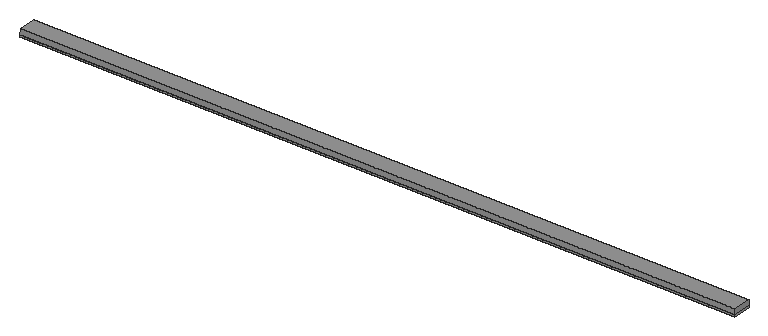
Revit family "0068126", category Lighting Fixtures, host Face, Revit 2017
Family settings
  Host = Face
  Round Connector Dimension = Use Diameter
  Part Type = Normal
  OmniClass Number = 23.80.70.00
  OmniClass Title = Lighting
  Cut with Voids When Loaded = No
  Light Source = Yes
  Shared = No
  Room Calculation Point = No
Parameters (values of type "0068126 START ECO FLEX IP67 RGB - 500 mm")
  Width_SYL = if(IP20HO_SYL, 10 mm, if(IP65_SYL, 12 mm, if(IP65HO_SYL, 10 mm, if(IP67_SYL, 10 mm, if(IP20RGB_SYL, 8 mm, if(IP20RGBW_SYL, 12 mm, if(IP67RGB_SYL, 12 mm, if(IP67RGBW_SYL, 14 mm, 8 mm))))))))  # 12 mm
  Weight = "3.5 kg"
  Wattage Comments = ""
  Wattage = 60 W
  WarrantyStartDate [instance] = "n/a"
  WarrantyGuarantorParts = "n/a"
  WarrantyDurationUnit = "n/a"
  WarrantyDurationParts = "n/a"
  WarrantyDescription = "n/a"
  built-in parameter 1150110 = 1 (stored number, unit not read)
  Voltage = 24 V
  URL = "http://www.sylvania-lighting.com"
  TypeName = "START ECO FLEX IP67 RGB - 500 mm"
  Type Image = <None>
  Type Comments = "n/a"
  built-in parameter 1114217 = 1 (stored number, unit not read)
  Tilt Angle = -90.00°
  built-in parameter 1150109 = 1 (stored number, unit not read)
  built-in parameter 1150134 = (empty or 0)
  built-in parameter 1150113 = 1 (stored number, unit not read)
  StartCapWidth_SYL = if(IP20HO_SYL, 2 mm, if(IP65_SYL, 14 mm, if(IP65HO_SYL, 12 mm, if(IP67_SYL, 17.5 mm, if(IP20RGB_SYL, 2 mm, if(IP20RGBW_SYL, 2 mm, if(IP67RGB_SYL, 14 mm, if(IP67RGBW_SYL, 16 mm, 2 mm))))))))  # 14 mm
  StartCapVisible_SYL [instance] = no
  StartCapLength_SYL = if(IP20HO_SYL, 2 mm, if(IP65_SYL, 10 mm, if(IP65HO_SYL, 15 mm, if(IP67_SYL, 35 mm, if(IP20RGB_SYL, 2 mm, if(IP20RGBW_SYL, 2 mm, if(IP67RGB_SYL, 12 mm, if(IP67RGBW_SYL, 12 mm, 2 mm))))))))  # 12 mm
  StartCapHeight_SYL = if(IP20HO_SYL, 2 mm, if(IP65_SYL, 6 mm, if(IP65HO_SYL, 6 mm, if(IP67_SYL, 9.5 mm, if(IP20RGB_SYL, 2 mm, if(IP20RGBW_SYL, 2 mm, if(IP67RGB_SYL, 7 mm, if(IP67RGBW_SYL, 7 mm, 2 mm))))))))  # 7 mm
  SerialNumber [instance] = "n/a"
  SealingVisibility_SYL = yes
  IP67_SYL = no
  IP67RGB_SYL = yes
  IP67RGBW_SYL = no
  IP65_SYL = no
  IP65HO_SYL = no
  IP20RGB_SYL = no
  IP20RGBW_SYL = no
  IP20HO_SYL = no
  HeightWithSealing_SYL = if(IP20HO_SYL, 2 mm, if(IP65_SYL, 4 mm, if(IP65HO_SYL, 4 mm, if(IP67_SYL, 6 mm, if(IP20RGB_SYL, 2 mm, if(IP20RGBW_SYL, 2 mm, if(IP67RGB_SYL, 5 mm, if(IP67RGBW_SYL, 5 mm, 2 mm))))))))  # 5 mm
  Photometric Web File = "0068126.ies"
  Material_3_SYL = ABS Plastic
  PowerFactor = 0
  PowerConsumption = "60 W"
  NominalLength = 5000 mm
  NominalHeight = 4.8 mm
  NominalDepth = 12 mm
  Name = "START ECO FLEX IP67 RGB - 500 mm"
  ModelReference = Name  # "START ECO FLEX IP67 RGB - 500 mm"
  ModelNumber = "0068126"
  Model = Name  # "START ECO FLEX IP67 RGB - 500 mm"
  Material = "pvc housing"
  ManufacturerName = "Feilo Sylvania"
  Manufacturer = "Feilo Sylvania"
  LuminousEfficacy = "25 lm/W"
  built-in parameter 1150105 = 412.26 (stored number, unit not read)
  Lumens = 1500 lm
  LuminaireType = ""
  built-in parameter 1150115 = 1 (stored number, unit not read)
  LightOutputRatio = "n/a"
  built-in parameter 1150137 = (empty or 0)
  built-in parameter 1150139 = (empty or 0)
  Length_SYL = 500 mm
  LampsType = Lamp  # "LED"
  LampNominalLuminous = "1500 lm"
  LampMacAdamStep = "n/a"
  LampColourTemperature = "15000 K"
  LampColourRenderingIndex = "30"
  built-in parameter 1150112 = 1 (stored number, unit not read)
  built-in parameter 1150114 = 1 (stored number, unit not read)
  Lamp = "LED"
  Keynote = "16500"
  InstallationDate [instance] = "n/a"
  InputVoltage = "24V DC"
  InputNominalFrequency = "n/a"
  built-in parameter 1150132 = (empty or 0)
  built-in parameter 1150102 = (empty or 0)
  built-in parameter 1150107 = 15000 (stored number, unit not read)
  built-in parameter 1150138 = (empty or 0)
  IngressProtection = "IP67"
  ImpactProtectionIndex = "IK00"
  built-in parameter 1150106 = 4.1226 (stored number, unit not read)
  IfcExportType = "IfcLightFixtureType"
  IfcExportAs = "IfcLightFixtureType"
  EndCapWidth_SYL = if(IP20HO_SYL, 2 mm, if(IP65_SYL, 14 mm, if(IP65HO_SYL, 12 mm, if(IP67_SYL, 17.5 mm, if(IP20RGB_SYL, 2 mm, if(IP20RGBW_SYL, 2 mm, if(IP67RGB_SYL, 14 mm, if(IP67RGBW_SYL, 16 mm, 2 mm))))))))  # 14 mm
  EndCapVisible_SYL [instance] = no
  EndCapLength_SYL = if(IP20HO_SYL, 2 mm, if(IP65_SYL, 10 mm, if(IP65HO_SYL, 10 mm, if(IP67_SYL, 15 mm, if(IP20RGB_SYL, 2 mm, if(IP20RGBW_SYL, 2 mm, if(IP67RGB_SYL, 10 mm, if(IP67RGBW_SYL, 10 mm, 2 mm))))))))  # 10 mm
  EndCapHeight_SYL = if(IP20HO_SYL, 2 mm, if(IP65_SYL, 6 mm, if(IP65HO_SYL, 6 mm, if(IP67_SYL, 9.5 mm, if(IP20RGB_SYL, 2 mm, if(IP20RGBW_SYL, 2 mm, if(IP67RGB_SYL, 7 mm, if(IP67RGBW_SYL, 7 mm, 2 mm))))))))  # 7 mm
  EmitSurfaceOffset_SYL = 1 mm  # constant formula
  EmitSurfaceHeight_SYL = if(IP20HO_SYL, 1.2 mm, if(IP65_SYL, 4 mm, if(IP65HO_SYL, 4 mm, if(IP67_SYL, 6 mm, if(IP20RGB_SYL, 1.2 mm, if(IP20RGBW_SYL, 1.2 mm, if(IP67RGB_SYL, 5 mm, if(IP67RGBW_SYL, 5 mm, 1.2 mm))))))))  # 5 mm
  built-in parameter 1150127 = if(IP20HO_SYL, 3.5 mm, if(IP65_SYL, 12 mm, if(IP65HO_SYL, 10 mm, if(IP67_SYL, 10 mm, if(IP20RGB_SYL, 5 mm, if(IP20RGBW_SYL, 5 mm, if(IP67RGB_SYL, 12 mm, if(IP67RGBW_SYL, 14 mm, 3.5 mm))))))))  # 12 mm
  Emit from Rectangle Length = Length_SYL - 2 * EmitSurfaceOffset_SYL  # 498 mm
  Emit Shape Visible in Rendering = no
  ElectricShockClassification = "Class III"
  built-in parameter 1150104 = 2.3226 (stored number, unit not read)
  DocumentationLiterature = "http://www.sylvania-lighting.com/product/en-int/products/0068126"
  DimmingControlOptions = "n/a"
  Material_2_SYL = LED
  Dimming Lamp Color Temperature Shift = <None>
  Description = "5 metre IP20 LED reel with pre-attached 3M adhesive type;  equipped with 600 LEDs; 24V; RGB; CRI80; 30000 hrs (L70)"
  Default Elevation = 1219.2 mm
  CreatedOn = "9/11/2019"
  CreatedBy = "@sylvania-lighting.com"
  Cost = 0
  Color Filter = 16777215
  built-in parameter 1114216 [instance] = (empty or 0)
  ClassificationValue = "EF_70_80"
  ClassificationName = "Uniclass2015"
  Material_1_SYL = Aluminum
  BarCode [instance] = "n/a"
  Emit from Rectangle Width = 304.8 mm
  built-in parameter 1150133 = 10 (stored number, unit not read)
  AssetType = "Fixed"
  AssetIdentifier [instance] = "n/a"
  Assembly Code = "D5020200"
  Apparent Load = 60 VA
  Material_4_SYL = Polycarbonate, Clear
Types (4, lengths in mm): name | TypeName | StartCapVisible_SYL | SealingVisibility_SYL | Name | ModelReference | Model | Length_SYL | EndCapVisible_SYL | Emit from Rectangle Length
  0068126 START ECO FLEX IP67 RGB - 500 mm | "START ECO FLEX IP67 RGB - 500 mm" | no | yes | "START ECO FLEX IP67 RGB - 500 mm" | "START ECO FLEX IP67 RGB - 500 mm" | "START ECO FLEX IP67 RGB - 500 mm" | 500 | no | 498
  0068126 START ECO FLEX IP67 RGB - 100 mm | "START ECO FLEX IP67 RGB - 100 mm" | no | yes | "START ECO FLEX IP67 RGB - 100 mm" | "START ECO FLEX IP67 RGB - 100 mm" | "START ECO FLEX IP67 RGB - 100 mm" | 100 | no | 98
  0068126 START ECO FLEX IP67 RGB - 50 mm | "START ECO FLEX IP67 RGB - 50 mm" | yes | yes | "START ECO FLEX IP67 RGB - 50 mm" | "START ECO FLEX IP67 RGB - 50 mm" | "START ECO FLEX IP67 RGB - 50 mm" | 50 | yes | 48
  0068126 START ECO FLEX IP67 RGB - 10 mm | "START ECO FLEX IP67 RGB - 10 mm" | yes | no | "START ECO FLEX IP67 RGB - 10 mm" | "START ECO FLEX IP67 RGB - 10 mm" | "START ECO FLEX IP67 RGB - 10 mm" | 10 | yes | 8
Reference planes
  plane 1 "Center (Front/Back)": y = 0
  plane 2: z = 0
  plane 3 "Center (Left/Right)": x = 0
  plane 4: y = 6
  plane 5: y = -6
  plane 6: z = 1.2
  plane 7: x = 500
  plane 8: x = 250
  plane 9: x = 1
  plane 10: x = 499
  plane 11: y = 1.8
  plane 12: y = -1.8
  plane 13: y = 7
  plane 14: y = -7
  plane 15: x = -12
  plane 16: x = 510
  plane 17: y = 7
  plane 18: y = -7
  plane 19: z = 5
  plane 20: z = 5
  plane 21: z = 2.5
  plane 22: z = -1
  plane 23: z = 6
  plane 24: z = 6
  plane 25: z = -1
Forms (mm)
  Extrusion 1, solid, material "Aluminum" <- "Material_1_SYL"
    sketch origin (0, 0, 0) x (0, 1, 0) y (0, 0, 1)
      loop
        line (-6, 1.2) -> (-6, 0) -> (6, 0) -> (6, 1.2) -> (-6, 1.2)
    from 0 to 500
  Extrusion 2, solid, material "Polycarbonate, Clear" <- "Material_4_SYL", visible <- "SealingVisibility_SYL"
    sketch origin (0, 0, 0) x (0, 1, 0) y (0, 0, 1)
      loop
        line (-6, 1.2) -> (6, 1.2) -> (6, 5) -> (-6, 5) -> (-6, 1.2)
    from 0 to 500
  Extrusion 3, solid, visible <- "StartCapVisible_SYL"
    sketch origin (0, 0, 0) x (0, 1, 0) y (0, 0, 1)
      loop
        line (-7, -1) -> (7, -1) -> (7, 6) -> (-7, 6) -> (-7, -1)
    from 0 to -12
  Extrusion 4, solid, visible <- "EndCapVisible_SYL"
    sketch origin (500, 1524, 1219.2) x (0, 1, 0) y (0, 0, 1)
      loop
        line (-1517, -1220.2) -> (-1517, -1213.2) -> (-1531, -1213.2) -> (-1531, -1220.2) -> (-1517, -1220.2)
    from 0 to 10
Lines and regions (mm)
  Split face 1
    outline origin (0, -6, 1.2) x (0, 1, 0) y (-1, 0, 0)
      loop
        line (7.8, -1) -> (4.2, -1) -> (4.2, -499) -> (7.8, -499) -> (7.8, -1)
  reference lines
    curve 1: line (1, 1.8, 0) -> (499, 1.8, 0)
    curve 2: line (1, -1.8, 0) -> (1, 1.8, 0)
    curve 3: line (499, -1.8, 0) -> (1, -1.8, 0)
    curve 4: line (499, 1.8, 0) -> (499, -1.8, 0)
Dimensions and locks
  equal spacing: plane 5, plane 1 "Center (Front/Back)", plane 4
  "Width_SYL": plane 5 to plane 4
  "Length_SYL": plane 3 "Center (Left/Right)" to plane 7
  "EmitSurfaceOffset_SYL": plane 3 "Center (Left/Right)" to plane 9
  equal spacing: plane 9, plane 8, plane 10
  "EmitSurfaceOffset_SYL": plane 10 to plane 7
  equal spacing: plane 12, plane 1 "Center (Front/Back)", plane 11
  locked: plane 12 to plane 11 at 3.6
  equal spacing: plane 14, plane 1 "Center (Front/Back)", plane 13
  "StartCapWidth_SYL": plane 14 to plane 13
  "StartCapLength_SYL": plane 15 to plane 3 "Center (Left/Right)"
  equal spacing: plane 18, plane 1 "Center (Front/Back)", plane 17
  "EndCapWidth_SYL": plane 18 to plane 17
  "EndCapLength_SYL": plane 7 to plane 16
  "EmitSurfaceHeight_SYL": plane 19 to plane 2
  "HeightWithSealing_SYL": host face to plane 20
  equal spacing: plane 2, plane 21, plane 19
  equal spacing: plane 22, plane 21, plane 23
  "EndCapHeight_SYL": plane 22 to plane 23
  equal spacing: plane 25, plane 21, plane 24
  "StartCapHeight_SYL": plane 25 to plane 24
  aligned and locked: plane 2 to host face
  aligned and locked: level to host face
  aligned and locked: plane 6 to Extrusion 1 sketch curve
  aligned and locked: Extrusion 1 sketch curve to plane 5
  aligned and locked: level to Extrusion 1 sketch curve
  aligned and locked: plane 4 to Extrusion 1 sketch curve
  aligned and locked: plane 7 to Extrusion 1
  aligned and locked: imposter light to plane 1 "Center (Front/Back)"
  aligned and locked: plane 8 to imposter light
  aligned and locked: plane 11 to curve 1
  aligned and locked: plane 9 to curve 2
  aligned and locked: curve 3 to plane 12
  aligned and locked: curve 4 to plane 10
  aligned and locked: Split face 1 sketch curve to curve 1
  aligned and locked: Split face 1 sketch curve to curve 4
  aligned and locked: Split face 1 sketch curve to curve 3
  aligned and locked: Split face 1 sketch curve to curve 2
  aligned and locked: imposter light to plane 19
  aligned and locked: Extrusion 2 sketch curve to Extrusion 1  (x2)
  aligned and locked: Extrusion 2 sketch curve to plane 20
  aligned and locked: Extrusion 2 sketch curve to plane 4
  aligned and locked: Extrusion 2 to plane 3 "Center (Left/Right)"
  aligned and locked: plane 7 to Extrusion 2
  aligned and locked: plane 22 to Extrusion 3 sketch curve
  aligned and locked: plane 14 to Extrusion 3 sketch curve
  aligned and locked: Extrusion 3 sketch curve to plane 23
  aligned and locked: Extrusion 3 sketch curve to plane 13
  aligned and locked: Extrusion 3 to plane 15
  aligned and locked: plane 3 "Center (Left/Right)" to Extrusion 3
  aligned and locked: plane 13 to Extrusion 4 sketch curve
  aligned and locked: plane 23 to Extrusion 4 sketch curve
  aligned and locked: Extrusion 4 sketch curve to plane 18
  aligned and locked: Extrusion 4 sketch curve to plane 25
  aligned and locked: plane 16 to Extrusion 4
  aligned and locked: Extrusion 4 to plane 7
Automatic sketch dimensions
  host sketch curve to host sketch curve = 600 mm
  host sketch curve to host sketch curve = 100 mm
Connectors
  electrical at (0, 0, 0.6), driven by "Voltage", driven by "Apparent Load", driven by "PowerFactor"
    settings: on Extrusion 1, index 1, voltage 24 V, apparent load 60 VA, apparent load phase1 0 VA, apparent load phase2 0 VA, apparent load phase3 0 VA, power factor 0, load classification "Other", number of poles 1, system type 30, power factor state 1, is connector primary yes, connector utility no, sub classification motor no, connector description ""
